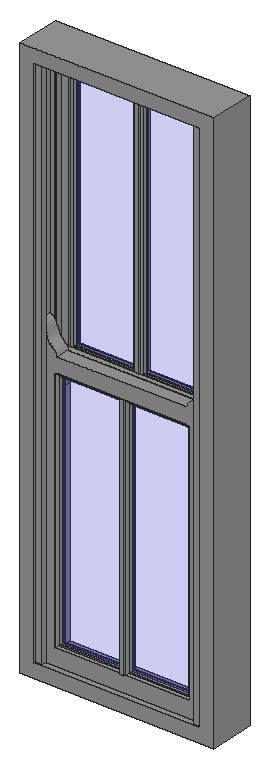
Revit family "HMEL7V", category Windows, host Wall, Revit 2015
Parameters (values of type "HMEL7V")
  Height = 1750 mm
  Default Lintel Height = 2100 mm
  Wall Closure = By host
  Width = 600 mm
Reference planes
  plane 1 "Center (Front/Back)": y = 0
  plane 2 "Center (Left/Right)": x = 0
  plane 3 "Left": x = -300
  plane 4 "Right": x = 300
  plane 5 "Sill": z = 350
  plane 6 "Head": z = 2100
  plane 7 "Exterior": y = 100
  plane 8 "Interior": y = -100
  plane 9: y = -28.5
  plane 10: y = 23.5
  plane 11: z = 1225
  plane 12: z = 1253.5
  plane 13: z = 1196.5
Forms (mm)
  Sweep 1, solid, material "Lauan, Meranti"
    path origin (-10500, 23.5, 2100) x (0, 0, -1) y (-1, 0, 0)
      loop
        line (0, -10800) -> (1750, -10800) -> (1750, -10200) -> (0, -10200) -> (0, -10800)
    profile origin (0, 23.5, 2100) x (0, 0, 1) y (0, 1, 0)
      loop
        line (0, 46.5) -> (-42, 46.5) -> (-42, -93.5) -> (0, -93.5) -> (0, 46.5)
  Extrusion 2, solid, material "Lauan, Meranti"
    sketch origin (-10450, 7.5, 1687.5) x (0, 0, -1) y (-1, 0, 0)
      loop
        line (491, -10651) -> (491, -10708) -> (576, -10708)
        spline (576, -10708) -> (568.022, -10695.331) -> (558.494, -10688.581) -> (548.752, -10685.386) -> (540.116, -10683.399) -> (533.202, -10681.197) -> (527.644, -10678.636) -> (523.005, -10675.669) -> (518.783, -10672.149) -> (514.297, -10667.644) -> (508.83, -10661.691) -> (501.472, -10655.147) -> (491, -10651)
      loop
        spline (491, -10249) -> (501.472, -10244.853) -> (508.83, -10238.309) -> (514.297, -10232.356) -> (518.783, -10227.851) -> (523.005, -10224.331) -> (527.644, -10221.364) -> (533.202, -10218.803) -> (540.116, -10216.601) -> (548.752, -10214.614) -> (558.494, -10211.419) -> (568.022, -10204.669) -> (576, -10192)
        line (576, -10192) -> (491, -10192) -> (491, -10249)
    from 0 to 42
  Extrusion 3, solid, material "Lauan, Meranti"
    sketch origin (-10450, -49.5, 762.5) x (0, 0, 1) y (1, 0, 0)
      loop
        spline (491, 10651) -> (501.472, 10655.147) -> (508.83, 10661.691) -> (514.297, 10667.644) -> (518.783, 10672.149) -> (523.005, 10675.669) -> (527.644, 10678.636) -> (533.202, 10681.197) -> (540.116, 10683.399) -> (548.752, 10685.386) -> (558.494, 10688.581) -> (568.022, 10695.331) -> (576, 10708)
        line (576, 10708) -> (491, 10708) -> (491, 10651)
      loop
        line (491, 10249) -> (491, 10192) -> (576, 10192)
        spline (576, 10192) -> (568.022, 10204.669) -> (558.494, 10211.419) -> (548.752, 10214.614) -> (540.116, 10216.601) -> (533.202, 10218.803) -> (527.644, 10221.364) -> (523.005, 10224.331) -> (518.783, 10227.851) -> (514.297, 10232.356) -> (508.83, 10238.309) -> (501.472, 10244.853) -> (491, 10249)
    from 0 to 42
  Extrusion 4, solid, material "Lauan, Meranti"
    sketch origin (-350, 0, -425) x (0, -1, 0) y (0, 0, 1)
      loop
        line (7.5, 1678.5) -> (-7.5, 1678.5) -> (-7.5, 1659.5) -> (-4.5, 1659.5) -> (-4.5, 1656.5) -> (7.5, 1656.5) -> (7.5, 1672) -> (0.5, 1672) -> (0.5, 1675) -> (7.5, 1675) -> (7.5, 1678.5)
    from -114 to -586
  Sweep 5, solid, material "Lauan, Meranti"
    path origin (-10573.682, 31, 1966.635) x (0, 0, -1) y (-1, 0, 0)
      loop
        line (-91.365, -10831.682) -> (770.135, -10831.682) -> (770.135, -10315.682) -> (-91.365, -10315.682) -> (-91.365, -10831.682)
    profile origin (0, 31, 2058) x (0, 0, 1) y (0, 1, 0)
      loop
        line (-48, 18.5) -> (-48, -6.5) -> (-57, -6.5) -> (-57, -14.499) -> (-53.996, -14.499)
        arc (-53.996, -14.499) -> (-52.238, -18.744) -> (-47.994, -20.502) r 6.002
        line (-47.994, -20.502) -> (-47.994, -23.5) -> (0, -23.5) -> (0, 18.5) -> (-48, 18.5)
  Sweep 6, solid, material "Lauan, Meranti"
    path origin (-10580.679, 16, 1764.851) x (0, 0, -1) y (-1, 0, 0)
      loop
        line (511.351, -10838.679) -> (1372.851, -10838.679) -> (1372.851, -10322.679) -> (511.351, -10322.679) -> (511.351, -10838.679)
    profile origin (0, 16, 1253.5) x (0, 0, 1) y (0, 1, 0)
      loop
        line (0, -65.5) -> (0, -23.5) -> (-48, -23.5) -> (-48, -48.5) -> (-57, -48.5) -> (-57, -56.499) -> (-53.996, -56.499)
        arc (-53.996, -56.499) -> (-52.238, -60.744) -> (-47.994, -62.502) r 6.002
        line (-47.994, -62.502) -> (-47.994, -65.5) -> (0, -65.5)
  Extrusion 7, solid, material "Lauan, Meranti"
    sketch origin (0, -31, -878.798) x (1, 0, 0) y (0, 1, 0)
      loop
        line (-6.5, 23.5) -> (-6.5, -1.5) -> (-15.5, -1.5) -> (-15.5, -9.5) -> (-12.5, -9.5)
        arc (-12.5, -9.5) -> (-10.743, -13.743) -> (-6.5, -15.5) r 6
        line (-6.5, -15.5) -> (-6.5, -18.5) -> (6.5, -18.5) -> (6.5, -15.5)
        arc (6.5, -15.5) -> (10.743, -13.743) -> (12.5, -9.5) r 6
        line (12.5, -9.5) -> (15.5, -9.5) -> (15.5, -1.5) -> (6.5, -1.5) -> (6.5, 23.5) -> (-6.5, 23.5)
    from 1318.792 to 2084.304
  Extrusion 8, solid, material "Lauan, Meranti"
    sketch origin (0, 26, 224.162) x (1, 0, 0) y (0, 1, 0)
      loop
        line (-6.5, 23.5) -> (-6.5, -1.5) -> (-15.5, -1.5) -> (-15.5, -9.5) -> (-12.5, -9.5)
        arc (-12.5, -9.5) -> (-10.743, -13.743) -> (-6.5, -15.5) r 6
        line (-6.5, -15.5) -> (-6.5, -18.5) -> (6.5, -18.5) -> (6.5, -15.5)
        arc (6.5, -15.5) -> (10.743, -13.743) -> (12.5, -9.5) r 6
        line (12.5, -9.5) -> (15.5, -9.5) -> (15.5, -1.5) -> (6.5, -1.5) -> (6.5, 23.5) -> (-6.5, 23.5)
    from 1020.338 to 1785.838
  Extrusion 9, solid, material "Lauan, Meranti"
    sketch origin (-4.429, 187.242, 731.33) x (1, 0, 0) y (0, 1, 0)
      loop
        line (240.429, -194.742) -> (243.929, -194.742) -> (243.929, -187.742) -> (246.929, -187.742) -> (246.929, -194.742) -> (262.429, -194.742) -> (262.429, -182.742) -> (259.429, -182.742) -> (259.429, -179.742) -> (240.429, -179.742) -> (240.429, -194.742)
      loop
        line (240.429, -236.742) -> (240.429, -251.742) -> (259.429, -251.742) -> (259.429, -248.742) -> (262.429, -248.742) -> (262.429, -236.742) -> (246.929, -236.742) -> (246.929, -243.742) -> (243.929, -243.742) -> (243.929, -236.742) -> (240.429, -236.742)
      loop
        line (-231.571, -194.742) -> (-231.571, -179.742) -> (-250.571, -179.742) -> (-250.571, -182.742) -> (-253.571, -182.742) -> (-253.571, -194.742) -> (-238.071, -194.742) -> (-238.071, -187.742) -> (-235.071, -187.742) -> (-235.071, -194.742) -> (-231.571, -194.742)
      loop
        line (-231.571, -236.742) -> (-235.071, -236.742) -> (-235.071, -243.742) -> (-238.071, -243.742) -> (-238.071, -236.742) -> (-253.571, -236.742) -> (-253.571, -248.742) -> (-250.571, -248.742) -> (-250.571, -251.742) -> (-231.571, -251.742) -> (-231.571, -236.742)
    from -339.33 to 1326.67
  Sweep 10, solid, material "Lauan, Meranti"
    path origin (62.387, 92.5, -1011.794) x (1, 0, 0) y (0, 0, 1)
      loop
        line (147.613, 2217.3) -> (-55.887, 2217.3) -> (-55.887, 1451.787) -> (147.613, 1451.787) -> (147.613, 2217.3)
    profile origin (108.25, 92.5, 1205.506) x (0, 0, -1) y (0, -1, 0)
      loop
        arc (0, 110.6) -> (4.67, 112.234) -> (7, 116.6) r 6.807
        line (7, 116.6) -> (9, 116.6) -> (9, 118.6) -> (0, 118.6) -> (0, 110.6)
  Sweep 11, solid, material "Lauan, Meranti"
    path origin (-123.498, 107.5, -533.619) x (1, 0, 0) y (0, 0, 1)
      loop
        line (333.498, 2543.619) -> (129.998, 2543.619) -> (129.998, 1778.119) -> (333.498, 1778.119) -> (333.498, 2543.619)
    profile origin (108.25, 107.5, 2010) x (0, 0, -1) y (0, -1, 0)
      loop
        arc (0, 68.6) -> (4.67, 70.234) -> (7, 74.6) r 6.807
        line (7, 74.6) -> (9, 74.6) -> (9, 76.6) -> (0, 76.6) -> (0, 68.6)
  Extrusion 12, solid, material "Glass"
    sketch origin (-10784.413, -32.5, 1290.188) x (0, 0, -1) y (-1, 0, 0)
      loop
        line (84.682, -10994.42) -> (850.195, -10994.42) -> (850.195, -10790.913) -> (84.682, -10790.913) -> (84.682, -10994.42)
      loop
        line (84.682, -10777.913) -> (850.195, -10777.913) -> (850.195, -10574.407) -> (84.682, -10574.407) -> (84.682, -10777.913)
    from 0 to 6.4
  Extrusion 13, solid, material "Glass"
    sketch origin (-10707.76, 24.5, 1854.156) x (0, 0, -1) y (-1, 0, 0)
      loop
        line (-155.844, -10917.76) -> (609.656, -10917.76) -> (609.656, -10714.26) -> (-155.844, -10714.26) -> (-155.844, -10917.76)
      loop
        line (-155.844, -10701.26) -> (609.656, -10701.26) -> (609.656, -10497.76) -> (-155.844, -10497.76) -> (-155.844, -10701.26)
    from 0 to 6.4
  Sweep 14, solid, material "Lauan, Meranti"
    path origin (-62.387, 92.5, -1011.794) x (-1, 0, 0) y (0, 0, -1)
      loop
        line (147.613, -2217.3) -> (147.613, -1451.787) -> (-55.887, -1451.787) -> (-55.887, -2217.3) -> (147.613, -2217.3)
    profile origin (-108.25, 92.5, 1205.506) x (0, 0, 1) y (0, -1, 0)
      loop
        line (0, 110.6) -> (0, 118.6) -> (-9, 118.6) -> (-9, 116.6) -> (-7, 116.6)
        arc (-7, 116.6) -> (-4.67, 112.234) -> (0, 110.6) r 6.807
  Sweep 15, solid, material "Lauan, Meranti"
    path origin (123.498, 107.5, -533.619) x (-1, 0, 0) y (0, 0, -1)
      loop
        line (333.498, -2543.619) -> (333.498, -1778.119) -> (129.998, -1778.119) -> (129.998, -2543.619) -> (333.498, -2543.619)
    profile origin (-108.25, 107.5, 2010) x (0, 0, 1) y (0, -1, 0)
      loop
        line (0, 68.6) -> (0, 76.6) -> (-9, 76.6) -> (-9, 74.6) -> (-7, 74.6)
        arc (-7, 74.6) -> (-4.67, 70.234) -> (0, 68.6) r 6.807
Cuts and joins
  joined: Extrusion 2, Sweep 5
  joined: Extrusion 3, Sweep 6
Lines and regions (mm)
  Opening 1
    outline origin (3500, -100, 0) x (1, 0, 0) y (0, 0, 1)
      loop
        line (-3200, 350) -> (-3200, 2100) -> (-3800, 2100) -> (-3800, 350) -> (-3200, 350)
  model lines
    curve 1: line (258, 49.5, 2058) -> (0, 49.5, 1196.5)
    curve 2: line (-258, 49.5, 2058) -> (0, 49.5, 1196.5)
    curve 3: line (-113.25, -7.5, 557.422) -> (-113.25, -7.5, 957.422)
    curve 4: line (-113.25, -7.5, 1096.5) -> (-57.059, -7.5, 957.422)
    curve 5: line (-57.059, -7.5, 957.422) -> (-169.441, -7.5, 957.422)
    curve 6: line (-113.25, -7.5, 1096.5) -> (-169.441, -7.5, 957.422)
Text (mm)
  text "EXTERIOR" at (-1963.203, 1332.353, 0), in view "Ref. Level"
  text "INTERIOR" at (-1981.466, -818.386, 0), in view "Ref. Level"
  text "Exterior" at (0, 923.751, 2943.296), in view "Right"
  text "Exterior" at (0, 1040.484, 2685.409), in view "Left"
Dimensions and locks
  equal spacing: plane 3 "Left", plane 2 "Center (Left/Right)", plane 4 "Right"
  "Width": plane 3 "Left" to plane 4 "Right"
  "Height": plane 5 "Sill" to plane 6 "Head"
  "Default Lintel Height": plane 6 "Head" to level
  locked: plane 7 "Exterior" to host wall at 0
  locked: plane 8 "Interior" to host wall
  locked: plane 10 to plane 9 at 52
  plane 3 "Left" to plane 4 "Right" = 600 mm
  aligned and locked: Sweep 1 sketch curve to host wall  (x4)
  aligned and locked: Sweep 6 sketch curve to Sweep 1  (x2)
  aligned and locked: Sweep 6 sketch curve to plane 12
  aligned and locked: Sweep 1 to Sweep 6 sketch curve
  aligned and locked: Extrusion 9 to Sweep 1  (x2)
  aligned and locked: Extrusion 7 to Sweep 6  (x2)
  aligned and locked: Extrusion 12 sketch curve to Extrusion 12 sketch curve  (x2)
  aligned and locked: Sweep 10 sketch curve to Sweep 6  (x3)
  aligned and locked: Sweep 10 sketch curve to Extrusion 7
  aligned and locked: Extrusion 12 to Sweep 6  (x4)
  aligned and locked: Extrusion 12 to Extrusion 7  (x2)
  aligned and locked: Sweep 5 sketch curve to plane 13
  aligned and locked: Sweep 1 to Sweep 5 sketch curve
  aligned and locked: Sweep 5 sketch curve to Sweep 1  (x2)
  aligned and locked: Extrusion 8 to Sweep 5  (x2)
  aligned and locked: Sweep 11 sketch curve to Sweep 5  (x3)
  aligned and locked: Sweep 11 sketch curve to Extrusion 8
  aligned and locked: Extrusion 13 to Sweep 5  (x3)
  aligned and locked: Extrusion 13 sketch curve to Extrusion 13 sketch curve
  aligned and locked: Extrusion 13 sketch curve to Sweep 5  (x2)
  aligned and locked: Extrusion 13 sketch curve to Extrusion 8  (x2)
  aligned and locked: Extrusion 4 to Extrusion 9  (x2)
Automatic sketch dimensions
  plane 3 "Left" to Opening 1 sketch curve = 0 mm
  plane 4 "Right" to Opening 1 sketch curve = 0 mm
  Opening 1 sketch curve to plane 5 "Sill" = 0 mm
  Opening 1 sketch curve to plane 6 "Head" = 0 mm
  profile plane to Sweep 1 sketch curve = 0 mm
  profile plane to Sweep 1 sketch curve = 42 mm
  Sweep 1 sketch curve to plane 10 = 93.5 mm
  plane 10 to Sweep 1 sketch curve = 46.5 mm
  plane 2 "Center (Left/Right)" to curve 1 = 0 mm
  curve 1 to plane 13 = 0 mm
  curve 2 to plane 3 "Left" = 42 mm
  plane 4 "Right" to curve 1 = 42 mm
  plane 6 "Head" to curve 2 = 42 mm
  plane 6 "Head" to curve 1 = 42 mm
  plane 13 to curve 4 = 100 mm
  curve 4 to curve 4 = 139.078 mm
  curve 6 to plane 3 "Left" = 130.559 mm
  curve 5 to curve 4 = 56.191 mm
  curve 5 to curve 5 = 112.382 mm
  curve 3 to plane 5 "Sill" = 207.422 mm
  curve 3 to curve 4 = 56.191 mm
  Extrusion 2 sketch curve to plane 13 = 0 mm  (x2)
  Extrusion 2 sketch curve to plane 3 "Left" = 42 mm
  Extrusion 2 sketch curve to Extrusion 2 sketch curve = 85 mm  (x2)
  plane 4 "Right" to Extrusion 2 sketch curve = 42 mm
  Extrusion 2 sketch curve to Extrusion 2 sketch curve = 57 mm  (x2)
  Extrusion 3 sketch curve to plane 12 = 0 mm  (x2)
  Extrusion 3 sketch curve to plane 3 "Left" = 42 mm
  plane 12 to Extrusion 3 sketch curve = 85 mm  (x2)
  plane 4 "Right" to Extrusion 3 sketch curve = 42 mm
  Extrusion 3 sketch curve to Extrusion 3 sketch curve = 57 mm  (x2)
  Extrusion 4 sketch curve to plane 12 = 0 mm
  Extrusion 4 sketch curve to host wall = 7.5 mm
  Extrusion 4 sketch curve to Extrusion 4 sketch curve = 3 mm  (x2)
  host wall to Extrusion 4 sketch curve = 0.5 mm
  Extrusion 4 sketch curve to Extrusion 4 sketch curve = 7 mm
  host wall to Extrusion 4 sketch curve = 7.5 mm
  Extrusion 4 sketch curve to plane 12 = 3.5 mm
  plane 11 to Extrusion 4 sketch curve = 9.5 mm
  plane 11 to Extrusion 4 sketch curve = 6.5 mm
  profile plane to Sweep 5 sketch curve = 0 mm
  Sweep 5 sketch curve to profile plane = 23.5 mm
  profile plane to Sweep 5 sketch curve = 47.994 mm
  Sweep 5 sketch curve to Sweep 5 sketch curve = 0.006 mm
  Sweep 5 sketch curve to Sweep 5 sketch curve = 6.002 mm
  Sweep 5 sketch curve to Sweep 5 sketch curve = 3.004 mm
  Sweep 5 sketch curve to Sweep 5 sketch curve = 2.998 mm
  Sweep 5 sketch curve to profile plane = 6.5 mm
  profile plane to Sweep 5 sketch curve = 18.5 mm
  profile plane to Sweep 6 sketch curve = 0 mm
  profile plane to Sweep 6 sketch curve = 47.994 mm
  Sweep 6 sketch curve to Sweep 6 sketch curve = 0.006 mm
  Sweep 6 sketch curve to Sweep 6 sketch curve = 6.002 mm
  Sweep 6 sketch curve to Sweep 6 sketch curve = 3.004 mm
  Sweep 6 sketch curve to profile plane = 65.5 mm
  Sweep 6 sketch curve to Sweep 6 sketch curve = 2.998 mm
  Sweep 6 sketch curve to Sweep 6 sketch curve = 7.999 mm
  Sweep 6 sketch curve to profile plane = 23.5 mm
  plane 2 "Center (Left/Right)" to Extrusion 7 sketch curve = 15.5 mm
  Extrusion 7 sketch curve to Extrusion 7 sketch curve = 3 mm  (x3)
  plane 2 "Center (Left/Right)" to Extrusion 7 sketch curve = 6.5 mm  (x2)
  Extrusion 7 sketch curve to plane 2 "Center (Left/Right)" = 6.5 mm  (x2)
  Extrusion 7 sketch curve to Extrusion 7 sketch curve = 6 mm
  Extrusion 7 sketch curve to plane 9 = 4 mm  (x2)
  Extrusion 7 sketch curve to Extrusion 7 sketch curve = 8 mm
  Extrusion 7 sketch curve to plane 9 = 12 mm
  host wall to Extrusion 7 sketch curve = 7.5 mm
  Extrusion 8 sketch curve to plane 10 = 7 mm
  plane 2 "Center (Left/Right)" to Extrusion 8 sketch curve = 15.5 mm
  Extrusion 8 sketch curve to Extrusion 8 sketch curve = 3 mm  (x3)
  plane 10 to Extrusion 8 sketch curve = 1 mm  (x2)
  plane 2 "Center (Left/Right)" to Extrusion 8 sketch curve = 6.5 mm  (x2)
  Extrusion 8 sketch curve to plane 2 "Center (Left/Right)" = 6.5 mm  (x2)
  Extrusion 8 sketch curve to Extrusion 8 sketch curve = 6 mm
  Extrusion 8 sketch curve to host wall = 10.5 mm
  Extrusion 8 sketch curve to Extrusion 8 sketch curve = 25 mm
  Extrusion 9 sketch curve to plane 3 "Left" = 42 mm  (x2)
  host wall to Extrusion 9 sketch curve = 7.5 mm  (x2)
  Extrusion 9 sketch curve to Extrusion 9 sketch curve = 3 mm  (x11)
  Extrusion 9 sketch curve to Extrusion 9 sketch curve = 15.5 mm  (x2)
  host wall to Extrusion 9 sketch curve = 0.5 mm  (x2)
  Extrusion 9 sketch curve to Extrusion 9 sketch curve = 3.5 mm  (x4)
  plane 4 "Right" to Extrusion 9 sketch curve = 64 mm
  Extrusion 9 sketch curve to plane 9 = 21 mm
  Extrusion 9 sketch curve to Extrusion 9 sketch curve = 0 mm  (x4)
  Extrusion 9 sketch curve to Extrusion 9 sketch curve = 12.5 mm  (x2)
  Extrusion 9 sketch curve to host wall = 4.5 mm  (x2)
  Extrusion 9 sketch curve to Extrusion 9 sketch curve = 7 mm  (x2)
  Extrusion 9 sketch curve to plane 9 = 28 mm
  Extrusion 9 sketch curve to Extrusion 9 sketch curve = 5 mm  (x2)
  Extrusion 9 sketch curve to Extrusion 9 sketch curve = 12 mm
  Extrusion 9 sketch curve to host wall = 7.5 mm
  Sweep 10 sketch curve to profile plane = 0 mm
  Sweep 10 sketch curve to profile plane = 0.241 mm
  Sweep 10 sketch curve to Sweep 10 sketch curve = 6.759 mm
  Sweep 10 sketch curve to Sweep 10 sketch curve = 2 mm  (x2)
  profile plane to Sweep 10 sketch curve = 110.6 mm
  Sweep 10 sketch curve to Sweep 10 sketch curve = 6 mm
  Sweep 11 sketch curve to profile plane = 0 mm
  Sweep 11 sketch curve to profile plane = 0.241 mm
  Sweep 11 sketch curve to Sweep 11 sketch curve = 6.759 mm
  Sweep 11 sketch curve to Sweep 11 sketch curve = 2 mm  (x2)
  profile plane to Sweep 11 sketch curve = 68.6 mm
  Sweep 11 sketch curve to Sweep 11 sketch curve = 6 mm
  plane 2 "Center (Left/Right)" to Sweep 14 sketch curve = 6.5 mm
  Sweep 14 sketch curve to plane 3 "Left" = 90 mm
  Sweep 14 sketch curve to plane 13 = 9.006 mm
  Sweep 14 sketch curve to plane 5 "Sill" = 89.994 mm
  profile plane to Sweep 14 sketch curve = 0 mm
  profile plane to Sweep 14 sketch curve = 0.241 mm
  Sweep 14 sketch curve to Sweep 14 sketch curve = 6.759 mm
  Sweep 14 sketch curve to Sweep 14 sketch curve = 2 mm  (x2)
  profile plane to Sweep 14 sketch curve = 110.6 mm
  Sweep 14 sketch curve to Sweep 14 sketch curve = 6 mm
  plane 2 "Center (Left/Right)" to Sweep 15 sketch curve = 6.5 mm
  Sweep 15 sketch curve to plane 12 = 9 mm
  Sweep 15 sketch curve to plane 3 "Left" = 90 mm
  plane 6 "Head" to Sweep 15 sketch curve = 90 mm
  profile plane to Sweep 15 sketch curve = 0 mm
  profile plane to Sweep 15 sketch curve = 0.241 mm
  Sweep 15 sketch curve to Sweep 15 sketch curve = 6.759 mm
  Sweep 15 sketch curve to Sweep 15 sketch curve = 2 mm  (x2)
  profile plane to Sweep 15 sketch curve = 68.6 mm
  Sweep 15 sketch curve to Sweep 15 sketch curve = 6 mm
  plane 6 "Head" to Extrusion 13 sketch curve = 90 mm  (x2)
  Extrusion 13 sketch curve to plane 12 = 9 mm
  Extrusion 12 sketch curve to plane 13 = 9.006 mm
  Extrusion 12 sketch curve to plane 5 "Sill" = 89.994 mm
  plane 4 "Right" to Extrusion 12 sketch curve = 89.994 mm
  Extrusion 12 sketch curve to plane 2 "Center (Left/Right)" = 6.5 mm
  plane 2 "Center (Left/Right)" to Extrusion 12 sketch curve = 6.5 mm
  Extrusion 12 sketch curve to plane 3 "Left" = 89.994 mm
